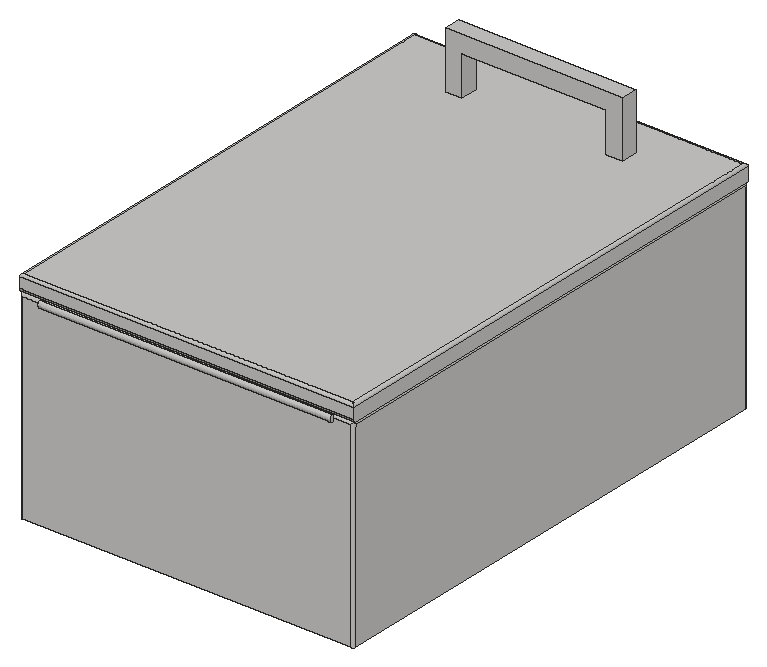
Revit family "PRD_FrankeWS_SntryTwlDspslBins_RODANSanitaryTowelAndDisposalBin_RODX611", category Furniture, host Face, Revit 2018
Family settings
  Host = Face
  OmniClass Number = 23.40.20.31.11
  OmniClass Title = Bins
  Cut with Voids When Loaded = No
  Shared = No
  Room Calculation Point = No
Parameters (values of type "RODX611")
  WasteBinMaterial = PRD_AR_StainlessSteel_SatinFinished
  WarrantyStartDate [instance] = "1900-12-31T23:59:59"
  WarrantyGuarantorParts = "n/a"
  WarrantyGuarantorLabor = "n/a"
  WarrantyDurationUnit = "year"
  WarrantyDurationParts = "n/a"
  WarrantyDurationLabor = "n/a"
  WarrantyDescription = "n/a"
  Version = "1"
  Uniclass2015Version = "Products v1.7"
  Uniclass2015Title = "Sanitary towel disposal bins"
  Uniclass2015Code = "Pr_40_50_07_76"
  URL = "www.kwc.com"
  TagNumber [instance] = "n/a"
  SustainabilityPerformance = "n/a"
  Style = "Sanitary towel and disposal bin"
  Size = "200x295x165 mm"
  Shape = "n/a"
  SerialNumber [instance] = "n/a"
  Revision = "n/a"
  ReplacementCost = "n/a"
  ProductInformation = "https://pim.kwc.com/product/2000090063/attachment/datasheet?locale=en"
  NominalWidth = 200.00 mm
  NominalLength = 200.00 mm
  NominalHeight = 295.00 mm
  NominalDepth = 165.00 mm
  NetWeight = 2.28 kg
  Name = "RODAN Sanitary towel and disposal bin RODX611"
  NBSTypeID = "n/a"
  NBSReference = "45-35-72/350"
  NBSOfficeMasterTag = "n/a"
  NBSNote = "n/a"
  NBSDescription = "Sanitary towel disposal bins"
  NBSCertification = "n/a"
  ModelReference = "RODX611"
  ModelNumber = "2000090063"
  Model = ModelReference  # "RODX611"
  Materials = "Stainless steel 1.4301"
  Material = "Stainless steel"
  ManufacturerURL = "www.kwc.com"
  ManufacturerName = "KWC Group AG"  # constant formula
  Manufacturer = ManufacturerName  # "KWC Group AG"
  MainColor = "Stainless steel"
  IntegralAccessories = "includes mounting materials"
  InstallationDate [instance] = "1900-12-31T23:59:59"
  IfcExportType = "NOTDEFINED"
  IfcExportAs = "IfcFurnitureType"
  GrossWeight = 2.61 kg
  Grade = "n/a"
  Form = "Wall mounted"
  FinishAndColour = "Stainless steel, satin finished"
  Finish = "Satin finished"
  FillingVolume = "3.70 L"
  Features = "stainless steel, 0.80 mm, satin finished, wall mounting, 200x295x165 mm (WxHxD)"
  ExpectedLife = "n/a"
  DurationUnit = "year"
  Description = "Sanitary towel and disposal bin for wall mounting, stainless steel, surface satin finished, material thickness 0.8 mm, folded front cover, approx. 3.7 liter capacity, removable plastic container inside, incl. stainless steel screws and dowels."
  Default Elevation = 500.00 mm
  Constituents = "n/a"
  Color = "Stainless steel"
  CodePerformance = "n/a"
  Category = "Pr_40_50_07_76, Sanitary towel disposal bins"
  BarCode [instance] = "n/a"
  BIMObjectName = "PRD_AR_SanitaryTowelDisposalBins_RODANSanitaryTowelAndDisposalBin_RODX611"
  Author = "Archispace"  # constant formula
  AssetType = "Fixed"
  AssetIdentifier [instance] = "n/a"
  AccessibilityPerformance = "n/a"
Reference planes
  plane 1 "Center (Front/Back)": y = 0
  plane 2: z = 0
  plane 3 "Center (Left/Right)": x = 0
Forms (mm)
  Extrusion 1, solid, material "PRD_AR_StainlessSteel_SatinFinished" <- "WasteBinMaterial", detail levels fine
    sketch origin (0, 0, 0) x (0, 1, 0) y (0, 0, 1)
      loop
        line (-295, 130.799) -> (-295, 120.999) -> (0, 120.999) -> (0, 130.799) -> (-295, 130.799)
    from -100 to 100
  Extrusion 2, solid, material "PRD_AR_StainlessSteel_SatinFinished" <- "WasteBinMaterial", detail levels fine
    sketch origin (0, 0, 0) x (0, 1, 0) y (0, 0, 1)
      loop
        line (-295, 117.115) -> (-295, 120.814)
        arc (-295, 120.814) -> (-296.9, 118.964) -> (-295, 117.115) r 1.85
    from -87.5 to 87.5
  Sweep 3, void
    path in 3D
      loop
        line (-100, -295, 130.799) -> (-100, 0, 130.799) -> (100, 0, 130.799) -> (100, -295, 130.799) -> (-100, -295, 130.799)
    profile origin (0, -295, 130.799) x (0, -1, 0) y (0, 0, 1)
      loop
        line (0, 0) -> (-1.8, 0)
        arc (-1.8, 0) -> (-0.527, -0.527) -> (0, -1.8) r 1.8
        line (0, -1.8) -> (0, 0)
  Extrusion 4, void
    sketch origin (0, 0, 0) x (0, 1, 0) y (0, 0, 1)
      loop
        line (-295, 120.999) -> (-293.2, 120.999)
        arc (-293.2, 120.999) -> (-294.473, 121.526) -> (-295, 122.799) r 1.8
        line (-295, 122.799) -> (-295, 120.999)
    from -100 to 100
  Extrusion 5, solid, material "PRD_AR_StainlessSteel_SatinFinished" <- "WasteBinMaterial", detail levels fine
    sketch origin (0, 0, 0) x (0, 1, 0) y (0, 0, 1)
      loop
        line (-295, 120.999) -> (-295, 0) -> (0, 0) -> (0, 120.999) -> (-295, 120.999)
    from -100 to 100
  Sweep 6, void
    path in 3D
      loop
        line (100, 0, 0) -> (100, 0, 120.999) -> (100, -295, 120.999) -> (100, -295, 0)
    profile origin (100, -295, 60.5) x (1, 0, 0) y (0, 1, 0)
      loop
        line (0, 0) -> (0, 1.8)
        arc (0, 1.8) -> (-0.527, 0.527) -> (-1.8, 0) r 1.8
        line (-1.8, 0) -> (0, 0)
  Sweep 7, void
    path in 3D
      loop
        line (-100, 0, 0) -> (-100, 0, 120.999) -> (-100, -295, 120.999) -> (-100, -295, 0)
    profile origin (-100, -295, 60.5) x (-1, 0, 0) y (0, -1, 0)
      loop
        line (0, 0) -> (-1.8, 0)
        arc (-1.8, 0) -> (-0.527, -0.527) -> (0, -1.8) r 1.8
        line (0, -1.8) -> (0, 0)
  Extrusion 8, void
    sketch origin (0, 0, 0) x (0, 1, 0) y (0, 0, 1)
      loop
        line (-295, 120.999) -> (-295, 119.199)
        arc (-295, 119.199) -> (-294.473, 120.472) -> (-293.2, 120.999) r 1.8
        line (-293.2, 120.999) -> (-295, 120.999)
    from -100 to 100
  Sweep 9, solid, material "PRD_AR_StainlessSteel_SatinFinished" <- "WasteBinMaterial", detail levels medium+fine
    path origin (0, 0, 0) x (1, 0, 0) y (0, 0, 1)
      loop
        line (-48, 130.799) -> (-48, 159.799) -> (48, 159.799) -> (48, 130.799)
    profile origin (-48, 0, 145.299) x (-1, 0, 0) y (0, -1, 0)
      loop
        line (5, 34.998) -> (-5, 34.998) -> (-5, 24.998) -> (5, 24.998) -> (5, 34.998)
  Extrusion 10, solid, material "PRD_AR_StainlessSteel_SatinFinished" <- "WasteBinMaterial", detail levels coarse
    sketch origin (0, 0, 0) x (0, 1, 0) y (0, 0, 1)
      loop
        line (-294.999, 130.765) -> (-294.999, 0) -> (0, 0) -> (0, 130.765) -> (-294.999, 130.765)
    from -100 to 100
  Extrusion 11, solid, material "PRD_AR_StainlessSteel_SatinFinished" <- "WasteBinMaterial", detail levels medium
    sketch origin (0, 0, 0) x (0, 1, 0) y (0, 0, 1)
      loop
        line (-294.999, 120.999) -> (-294.999, 0) -> (0, 0) -> (0, 120.999) -> (-294.999, 120.999)
    from -100 to 100
  Extrusion 12, solid, material "PRD_AR_StainlessSteel_SatinFinished" <- "WasteBinMaterial", detail levels medium
    sketch origin (0, 0, 0) x (0, 1, 0) y (0, 0, 1)
      loop
        line (-294.999, 130.765) -> (-294.999, 120.999) -> (0, 120.999) -> (0, 130.765) -> (-294.999, 130.765)
    from -100 to 100
Cuts and joins
  Sweep 3, Extrusion 4, Sweep 7 cuts Extrusion 1
  Sweep 6, Sweep 7, Extrusion 8 cuts Extrusion 5
Lines and regions (mm)
  sketch lines
    curve 1: line (100, -295, 130.799) -> (-100, -295, 130.799)
    curve 2: line (100, 0, 130.799) -> (100, -295, 130.799)
    curve 3: line (100, 0, 130.799) -> (-100, 0, 130.799)
    curve 4: line (-100, -295, 130.799) -> (-100, 0, 130.799)
    curve 5: line (100, -295, 120.999) -> (100, -295, 0)
    curve 6: line (100, 0, 120.999) -> (100, -295, 120.999)
    curve 7: line (100, 0, 0) -> (100, 0, 120.999)
    curve 8: line (-100, -295, 120.999) -> (-100, -295, 0)
    curve 9: line (-100, 0, 120.999) -> (-100, -295, 120.999)
    curve 10: line (-100, 0, 0) -> (-100, 0, 120.999)
Dimensions and locks
  aligned and locked: plane 2 to host face
  aligned and locked: level to host face
